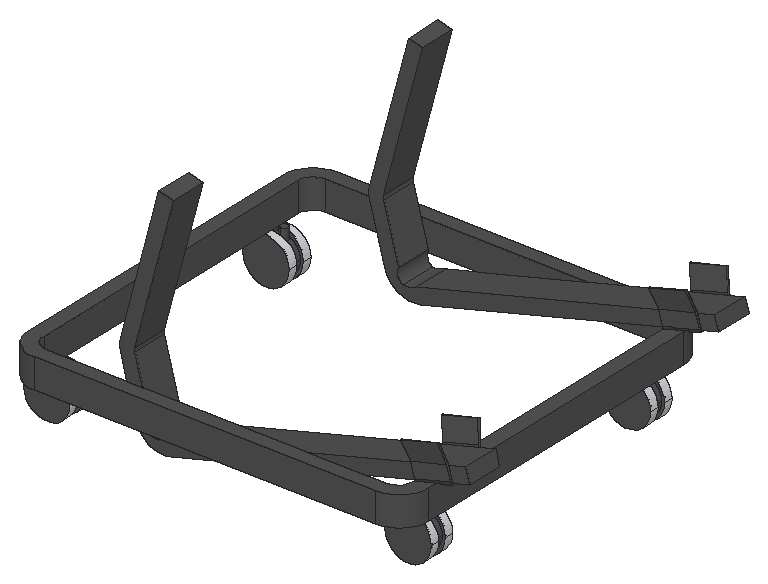
Revit family "Haworth_Very_Cart_Side", category Furniture, Revit 2018
Family settings
  OmniClass Number = 23.40.70.14.64.21
  OmniClass Title = Systems Furniture
  Work Plane-Based = No
  Always vertical = Yes
  Cut with Voids When Loaded = No
  Shared = No
  Room Calculation Point = No
Parameters (values of type "Cart")
  Warranty = "http://www.haworth.com/resources/product-info/warranties"
  URL - Product = "http://www.haworth.com/products/seating/visitor-and-conference-chairs/very-side"
  URL = "www.haworth.com"
  Sustainability Info = "http://www.haworth.com/company-info/sustainablility"
  Size = "Verify Final Dim. w/ Haworth"  # constant formula
  Revision Number = "2"  # constant formula
  Model = "Haworth - Chair - Very"  # constant formula
  Manufacturer = "Haworth"  # constant formula
  Description = "Cart - Side"  # constant formula
  Cart Finish = Haworth _ Polymer _ Black
  Author = "Haworth (Hampton)"  # constant formula
  Assembly Code = "E2020200"
  Actual Width = 24"
  Actual Depth = 24"
Reference planes (in)
  plane 1 "Storage Top Center F/B": y = 0
  plane 2: z = 0
  plane 3 "Storage Top Center L/R": x = 0
  plane 4 "Top": z = 5.475
  plane 5 "Bottom": z = 3.48414
  plane 6: y = 12.75
  plane 7: y = -12.75
  plane 8: x = -13.5
  plane 9: x = 13.5
  plane 10 "Inside Front": y = -11.75
  plane 11 "Inside Back": y = 11.75
  plane 12 "Inside Left": x = -12.5
  plane 13 "Inside Right": x = 12.5
  plane 14: y = -9.25
  plane 15: y = 9.25
  plane 16 "Leg Support": through (15.94706, -180, 6.96016) normal (-0.9659, 0, -0.2588)
Forms (in)
  Extrusion 1, solid, material "Haworth _ Polymer _ Black" <- "Cart Finish"
    sketch origin (0, 0, 0) x (1, 0, 0) y (0, 1, 0)
      loop
        arc (-11.5, 12.75) -> (-12.91421, 12.16421) -> (-13.5, 10.75) r 2
        line (-13.5, 10.75) -> (-13.5, -10.75)
        arc (-13.5, -10.75) -> (-12.91421, -12.16421) -> (-11.5, -12.75) r 2
        line (-11.5, -12.75) -> (11.5, -12.75)
        arc (11.5, -12.75) -> (12.91421, -12.16421) -> (13.5, -10.75) r 2
        line (13.5, -10.75) -> (13.5, 10.75)
        arc (13.5, 10.75) -> (12.91421, 12.16421) -> (11.5, 12.75) r 2
        line (11.5, 12.75) -> (-11.5, 12.75)
    from 3.48414 to 5.475
  Extrusion 2, void
    sketch origin (0, 0, 0) x (1, 0, 0) y (0, 1, 0)
      loop
        arc (-11.5, 11.75) -> (-12.20711, 11.45711) -> (-12.5, 10.75) r 1
        line (-12.5, 10.75) -> (-12.5, -10.75)
        arc (-12.5, -10.75) -> (-12.20711, -11.45711) -> (-11.5, -11.75) r 1
        line (-11.5, -11.75) -> (11.5, -11.75)
        arc (11.5, -11.75) -> (12.20711, -11.45711) -> (12.5, -10.75) r 1
        line (12.5, -10.75) -> (12.5, 10.75)
        arc (12.5, 10.75) -> (12.20711, 11.45711) -> (11.5, 11.75) r 1
        line (11.5, 11.75) -> (-11.5, 11.75)
    from 3.0877 to 6.02552
  Extrusion 3, solid, material "Haworth _ Polymer _ Black" <- "Cart Finish"
    sketch origin (0, -11.75, 0) x (-1, 0, 0) y (0, 0, 1)
      loop
        line (2.91398, 17.49486) -> (5.54369, 7.68064)
        arc (5.54369, 7.68064) -> (5.56051, 7.55288) -> (5.54369, 7.42512) r 0.49363
        line (5.54369, 7.42512) -> (4.5285, 3.63639)
        arc (4.5285, 3.63639) -> (4.58715, 3.12192) -> (4.27913, 2.70571) r 0.70631
        arc (4.27913, 2.70571) -> (3.76798, 2.74847) -> (3.28982, 2.9341) r 1.79437
        line (3.28982, 2.9341) -> (-16.80059, 8.31732) -> (-17.05941, 7.35139) -> (3.04596, 1.96417)
        arc (3.04596, 1.96417) -> (4.56275, 2.16386) -> (5.49408, 3.37759) r 1.99888
        line (5.49408, 3.37759) -> (6.50431, 7.14779)
        arc (6.50431, 7.14779) -> (6.55647, 7.54403) -> (6.50431, 7.94026) r 1.53093
        line (6.50431, 7.94026) -> (3.87515, 17.7524) -> (2.91398, 17.49486)
    from 0 to 2.49856
  Extrusion 4, solid, material "Haworth _ Polymer _ Black" <- "Cart Finish"
    sketch origin (0, 11.75, 0) x (-1, 0, 0) y (0, 0, -1)
      loop
        line (2.91398, -17.49486) -> (3.87515, -17.7524) -> (6.50431, -7.94026)
        arc (6.50431, -7.94026) -> (6.55647, -7.54403) -> (6.50431, -7.14779) r 1.53093
        line (6.50431, -7.14779) -> (5.49408, -3.37759)
        arc (5.49408, -3.37759) -> (4.56275, -2.16386) -> (3.04596, -1.96417) r 1.99888
        line (3.04596, -1.96417) -> (-17.05941, -7.35139) -> (-16.80059, -8.31732) -> (3.28982, -2.9341)
        arc (3.28982, -2.9341) -> (3.76798, -2.74847) -> (4.27913, -2.70571) r 1.79437
        arc (4.27913, -2.70571) -> (4.58715, -3.12192) -> (4.5285, -3.63639) r 0.70631
        line (4.5285, -3.63639) -> (5.54369, -7.42512)
        arc (5.54369, -7.42512) -> (5.56051, -7.55288) -> (5.54369, -7.68064) r 0.49363
        line (5.54369, -7.68064) -> (2.91398, -17.49486)
    from 0 to 2.49856
  Extrusion 5, solid, material "Haworth _ Polymer _ Black" <- "Cart Finish"
    sketch origin (16.61885, 0, 4.45301) x (0.258819, 0, -0.965926) y (0, -1, 0)
      loop
        line (-5.18456, 12.14919) -> (-3.79238, 11.77616) -> (-2.7756, 11.77616) -> (-2.6856, 11.68616) -> (-2.6856, 9.2565) -> (-2.7756, 9.1665) -> (-3.79238, 9.1665) -> (-5.18456, 8.79347) -> (-5.16906, 8.70558) -> (-3.78877, 9.07543) -> (-2.78877, 9.07543)
        arc (-2.78877, 9.07543) -> (-2.6567, 9.12745) -> (-2.5956, 9.25557) r 0.19364
        line (-2.5956, 9.25557) -> (-2.5956, 11.68709)
        arc (-2.5956, 11.68709) -> (-2.6567, 11.8152) -> (-2.78877, 11.86723) r 0.19364
        line (-2.78877, 11.86723) -> (-3.78877, 11.86723) -> (-5.16906, 12.23707) -> (-5.18456, 12.14919)
    from 0 to 2.56179
  Extrusion 6, solid, material "Haworth _ Polymer _ Black" <- "Cart Finish"
    sketch origin (16.61885, 0, 4.45301) x (0.258819, 0, -0.965926) y (0, -1, 0)
      loop
        line (-5.18456, -12.14919) -> (-5.16906, -12.23707) -> (-3.78877, -11.86723) -> (-2.78877, -11.86723)
        arc (-2.78877, -11.86723) -> (-2.6567, -11.8152) -> (-2.5956, -11.68709) r 0.19364
        line (-2.5956, -11.68709) -> (-2.5956, -9.25557)
        arc (-2.5956, -9.25557) -> (-2.6567, -9.12745) -> (-2.78877, -9.07543) r 0.19364
        line (-2.78877, -9.07543) -> (-3.78877, -9.07543) -> (-5.16906, -8.70558) -> (-5.18456, -8.79347) -> (-3.79238, -9.1665) -> (-2.7756, -9.1665) -> (-2.6856, -9.2565) -> (-2.6856, -11.68616) -> (-2.7756, -11.77616) -> (-3.79238, -11.77616) -> (-5.18456, -12.14919)
    from 0 to 2.56179
Cuts and joins
  Extrusion 2 cuts Extrusion 1
Lines and regions (in)
  Masking region 1
    outline origin (0, 0, 0) x (1, 0, 0) y (0, 1, 0)
      loop
        line (11.5, 12.75) -> (-11.5, 12.75)
        arc (-11.5, 12.75) -> (-12.91421, 12.16421) -> (-13.5, 10.75) r 2
        line (-13.5, 10.75) -> (-13.5, -10.75)
        arc (-13.5, -10.75) -> (-12.91421, -12.16421) -> (-11.5, -12.75) r 2
        line (-11.5, -12.75) -> (11.5, -12.75)
        arc (11.5, -12.75) -> (12.91421, -12.16421) -> (13.5, -10.75) r 2
        line (13.5, -10.75) -> (13.5, 10.75)
        arc (13.5, 10.75) -> (12.91421, 12.16421) -> (11.5, 12.75) r 2
  symbolic lines
    curve 1: line (-6.50431, 11.75, 0) -> (-6.50431, 9.25144, 0)
    curve 2: line (-6.50431, 9.25144, 0) -> (17.05941, 9.25144, 0)
    curve 3: line (17.05941, 9.25144, 0) -> (17.05941, 11.75, 0)
    curve 4: line (17.05941, 11.75, 0) -> (13.22874, 11.75, 0)
    curve 5: line (-6.50431, -11.75, 0) -> (-6.50431, -9.25144, 0)
    curve 6: line (-6.50431, -9.25144, 0) -> (17.05941, -9.25144, 0)
    curve 7: line (17.05941, -9.25144, 0) -> (17.05941, -11.75, 0)
    curve 8: line (17.05941, -11.75, 0) -> (13.22874, -11.75, 0)
    curve 9: arc (-11.5, 11.75, 0) -> (-12.20711, 11.45711, 0) -> (-12.5, 10.75, 0) r 1
    curve 10: line (11.5, 11.75, 0) -> (-11.5, 11.75, 0)
    curve 11: arc (12.5, 10.75, 0) -> (12.20711, 11.45711, 0) -> (11.5, 11.75, 0) r 1
    curve 12: line (12.5, -10.75, 0) -> (12.5, 10.75, 0)
    curve 13: arc (11.5, -11.75, 0) -> (12.20711, -11.45711, 0) -> (12.5, -10.75, 0) r 1
    curve 14: arc (-12.5, -10.75, 0) -> (-12.20711, -11.45711, 0) -> (-11.5, -11.75, 0) r 1
    curve 15: line (-12.5, 10.75, 0) -> (-12.5, -10.75, 0)
    curve 16: line (-11.5, -11.75, 0) -> (11.5, -11.75, 0)
Dimensions and locks (in)
  aligned and locked: plane 4 "Top" to Extrusion 1
  aligned and locked: Extrusion 1 to plane 5 "Bottom"
Nested families (in)
  nested 1: "Haworth_3in Caster" at (-12.2625, -9.25, 0) x (0, -1, 0) z (0, 0, 1), type "Haworth_3in Caster"
  nested 2: "Haworth_3in Caster" at (-12.2625, 9.25, 0) x (0, 1, 0) z (0, 0, 1), type "Haworth_3in Caster"
  nested 3: "Haworth_3in Caster" at (12.10572, -9.25, 0) x (0, -1, 0) z (0, 0, 1), type "Haworth_3in Caster"
  nested 4: "Haworth_3in Caster" at (12.10572, 9.25, 0) x (0, 1, 0) z (0, 0, 1), type "Haworth_3in Caster"
Definition of nested family "Haworth_3in Caster"
  Parameters
    Glides = yes
    Caster Finish = none
    Cart Leg Finish = none
    Assembly Code = ""
  Reference planes (in)
    plane 1 "Center (Front/Back)": y = 0
    plane 2: z = 0
    plane 3 "Center (Left/Right)": x = 0
  Forms (in)
    Extrusion 1, solid
      sketch origin (0, 0, -0.02118) x (0, 1, 0) y (0, 0, 1)
        loop
          circle (-0.48695, 1.58368) r 1.5625
      from 0.875 to 0.3125
    Extrusion 2, solid
      sketch origin (0, 0, -0.02118) x (0, 1, 0) y (0, 0, 1)
        loop
          circle (-0.48695, 1.58368) r 1.5625
      from -0.875 to -0.3125
    Extrusion 3, solid
      sketch origin (0, 0, 0) x (0, 1, 0) y (0, 0, 1)
        loop
          circle (-0.48695, 1.5625) r 1.3125
      from -0.3125 to 0.3125
    Extrusion 4, solid
      sketch origin (0, 0, 0) x (1, 0, 0) y (0, 1, 0)
        loop
          circle (0, 0) r 0.25
      from 2.4375 to 3.4375
  Cuts and joins
    joined: Extrusion 3, Extrusion 4
  Dimensions and locks (in)
    plane 3 "Center (Left/Right)" to Extrusion 2 = 5/16"
    Extrusion 1 to plane 3 "Center (Left/Right)" = 7/8"
